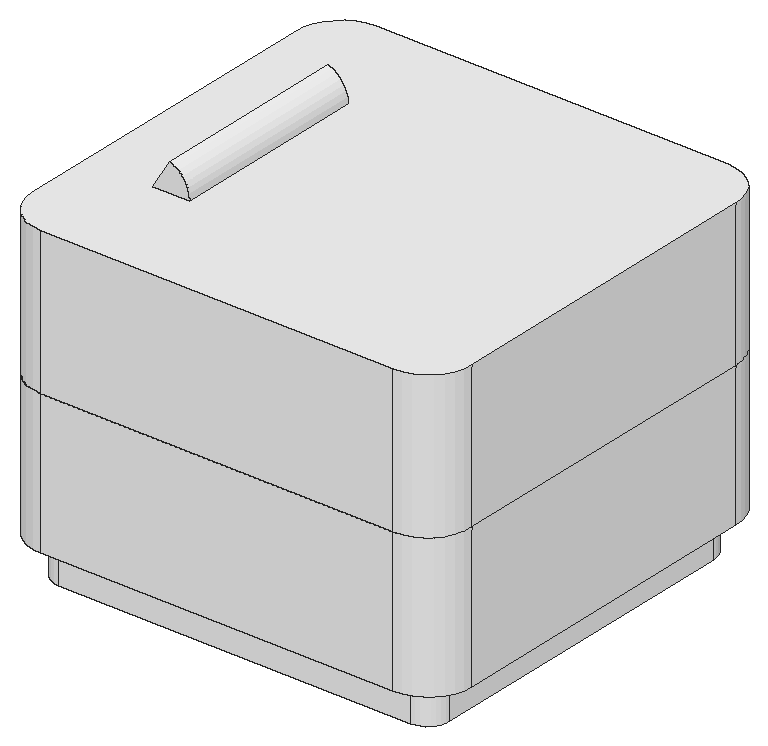
Revit family "Gira_044730", category Electrical Fixtures, host Face, Revit 2017
Family settings
  Host = Face
  Maintain Annotation Orientation = Yes
  Round Connector Dimension = Use Diameter
  Part Type = Normal
  Cut with Voids When Loaded = No
  Shared = No
  Room Calculation Point = No
Parameters (values of type "SCHUKO HC diff.lock + in.sp. WP surface-mounted grey")
  URL = "http://katalog.gira.de/en/datenblatt.html?artikelnr=044730"
  Transparent = "No"
  Name = "SCHUKO HC diff.lock + in.sp. WP surface-mounted grey"
  Model = "Protective contact (SCHUKO)"
  Manufacturer URL = "https://www.gira.de/"
  Manufacturer = "Gira"
  Keynote = ""
  HeinzeBIM = "https://bimportal.heinze.de/bim/schuko-hc-diff-lock-in-sp-wp-surface-mounted-grey/56ed64913b3200df3b4959f4256ea7e45434e78c"
  HAN = "044730"
  GTIN = "4010337447306"
  Description = "SCHUKO HC dif.lock in.sp. WP SM GY,SCHUKO socket outlet 16 A 250 V~ with hinged cover, lock and inscription space,with different lock types,grey,Features:,- With screw terminals."
  Default Elevation = 1219.2 mm
  Data sheet (1) = "https://katalog.gira.de/en/download.html?artikelnr=044730"
  Category = "Socket outlet"
  BIM (1) = "https://media.stage.bim.site/public/gira/36a6b08/IP44_Komplettgerät_Steckdose.rfa?public/gira/36a6b08/IP44_Komplettgerät_Steckdose.rfa"
  Available = "No"
Reference planes
  plane 1 "Center (Front/Back)": y = 0
  plane 2: z = 0
  plane 3 "Center (Left/Right)": x = 0
Forms (mm)
  Extrusion 1, solid, material "White", detail levels fine
    sketch origin (41, 0, 0) x (1, 0, 0) y (0, 1, 0)
      loop
        line (-9, 38) -> (-73, 38)
        arc (-73, 38) -> (-78.657, 35.657) -> (-81, 30) r 8
        line (-81, 30) -> (-81, -30)
        arc (-81, -30) -> (-78.657, -35.657) -> (-73, -38) r 8
        line (-73, -38) -> (-9, -38)
        arc (-9, -38) -> (-3.343, -35.657) -> (-1, -30) r 8
        line (-1, -30) -> (-1, 30)
        arc (-1, 30) -> (-3.343, 35.657) -> (-9, 38) r 8
    from 0 to 26
  Extrusion 2, solid, material "White", detail levels fine
    sketch origin (41, 0, 0) x (1, 0, 0) y (0, 1, 0)
      loop
        line (-9, 38) -> (-73, 38)
        arc (-73, 38) -> (-78.657, 35.657) -> (-81, 30) r 8
        line (-81, 30) -> (-81, -30)
        arc (-81, -30) -> (-78.657, -35.657) -> (-73, -38) r 8
        line (-73, -38) -> (-9, -38)
        arc (-9, -38) -> (-3.343, -35.657) -> (-1, -30) r 8
        line (-1, -30) -> (-1, 30)
        arc (-1, 30) -> (-3.343, 35.657) -> (-9, 38) r 8
    from 26 to 52.5
  Extrusion 3, solid, material "White", detail levels fine
    sketch origin (41, 0, 0) x (1, 0, 0) y (0, 0, 1)
      loop
        line (-68.7, 52.5) -> (-62.067, 52.5)
        arc (-62.067, 52.5) -> (-63.019, 55.628) -> (-65.7, 57.5) r 5
        line (-65.7, 57.5) -> (-68.7, 52.5)
    from 18 to -18
  Extrusion 4, solid, material "White", detail levels medium
    sketch origin (41, -5.734, 0) x (1, 0, 0) y (0, 1, 0)
      loop
        line (-9, 43.734) -> (-73, 43.734)
        arc (-73, 43.734) -> (-78.657, 41.391) -> (-81, 35.734) r 8
        line (-81, 35.734) -> (-81, -24.266)
        arc (-81, -24.266) -> (-78.657, -29.923) -> (-73, -32.266) r 8
        line (-73, -32.266) -> (-9, -32.266)
        arc (-9, -32.266) -> (-3.343, -29.923) -> (-1, -24.266) r 8
        line (-1, -24.266) -> (-1, 35.734)
        arc (-1, 35.734) -> (-3.343, 41.391) -> (-9, 43.734) r 8
    from 0 to 52.5
  Extrusion 5, solid, material "White", detail levels medium
    sketch origin (41, 0, 0) x (1, 0, 0) y (0, 0, 1)
      loop
        line (-68.7, 57.5) -> (-68.7, 52.5) -> (-62.067, 52.5) -> (-62.067, 57.5) -> (-68.7, 57.5)
    from -18 to 18
  Extrusion 6, solid, material "White", detail levels coarse
    sketch origin (41, 0, 0) x (1, 0, 0) y (0, 1, 0)
      loop
        line (-1, 38) -> (-81, 38) -> (-81, -38) -> (-1, -38) -> (-1, 38)
    from -7 to 57.5
  Extrusion 7, solid, material "White", detail levels medium+fine
    sketch origin (41, 0, 0) x (1, 0, 0) y (0, 1, 0)
      loop
        line (-9, 34) -> (-73, 34)
        arc (-73, 34) -> (-75.828, 32.828) -> (-77, 30) r 4
        line (-77, 30) -> (-77, -30)
        arc (-77, -30) -> (-75.828, -32.828) -> (-73, -34) r 4
        line (-73, -34) -> (-9, -34)
        arc (-9, -34) -> (-6.172, -32.828) -> (-5, -30) r 4
        line (-5, -30) -> (-5, 30)
        arc (-5, 30) -> (-6.172, 32.828) -> (-9, 34) r 4
    from 0 to -7
Dimensions and locks
  Extrusion 6 to plane 3 "Center (Left/Right)" to Extrusion 6 = 40 mm, 40 mm
  aligned and locked: plane 2 to host face
  aligned and locked: level to host face
  aligned and locked: plane 3 "Center (Left/Right)" to nested 1
  aligned and locked: plane 1 "Center (Front/Back)" to nested 1
Nested families
  nested 1: "Steckdose 1-fach Beschriftung" at (0, 0, 0), type "Steckdose 1-fach Beschriftung"
Connectors
  electrical at (0, 0, -7)
    settings: on Extrusion 7, index 1, voltage 220 V, apparent load 0 VA, apparent load phase1 0 VA, apparent load phase2 0 VA, apparent load phase3 0 VA, power factor 1, load classification "Other", number of poles 1, system type 31, power factor state 1, is connector primary yes, connector utility no, sub classification motor no, connector description ""
Definition of nested family "Steckdose 1-fach Beschriftung"
  Reference planes
    plane 1: y = 0
    plane 2: x = 0
  Lines and regions (mm)
    detail lines
      curve 1: line (0, 0, 0) -> (0, 2, 0)
      curve 3: line (0, 2, 0) -> (-1, 2, 0)
      curve 4: arc (1, 3, 0) -> (0, 2, 0) -> (-1, 3, 0) r 1
      curve 5: line (0, 2, 0) -> (1, 2, 0)
    reference lines
      curve 2: line (-0.485, 3, 0) -> (2.315, 3, 0)
  Dimensions and locks
    curve 1 to curve 1 = 2 mm
    plane 1 to curve 2 = 3 mm
    curve 3 to curve 3 = 1 mm
